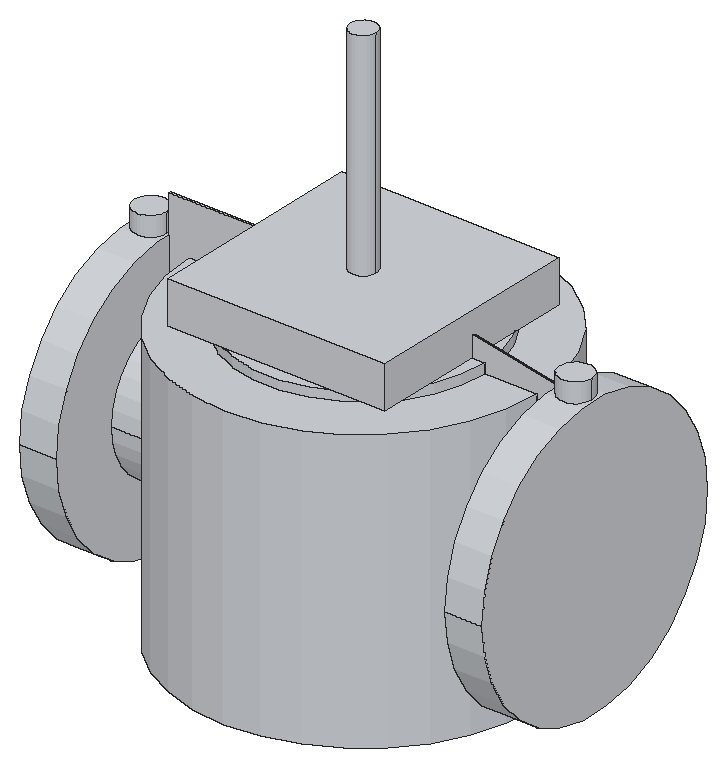
Revit family "OC-FLANGE_HF_DN250_PN25_RFA_2019", category Pipe Accessories, Revit 2019
Family settings
  Round Connector Dimension = Use Diameter
  Part Type = Valve - Breaks Into
  Work Plane-Based = No
  Always vertical = Yes
  Cut with Voids When Loaded = No
  Shared = No
Parameters (values of type "Optima Compact Flange PN25 DN250 HF")
  magiProductId = "248d4ad3cfa54a6393ff3e1f812aa6"
  magiProductFamilyId = "85dff9c68a224669bc3e9a31beef4e"
  magiPartTypeId = 304
  isMeasuringValve [instance] = no
  ang2D [instance] = 0.00°
  W2D = 50 mm
  VersionID = "2.0/2018.12.13.2/FRESE_OPT_COMP_BIG_Q13_001"
  Use Minimum Symbol Size [instance] = no
  URL = "www.hydronic.cz"
  Type Comments = "Přírubový; PN25; 0~110°C, s měřením"
  R4 = 192.15 mm
  R3 = 115.44 mm
  R1 = 274.5 mm
  QmdConnectorList = "301;D;302;D"
  Productdata [instance] = ""
  Manufacturer = "Hydronic Systems Prague s..ro"
  MC Use Limits From Balancing Method = no
  MC Throttling Minimum Value = 0
  MC Throttling Maximum Value = 0
  MC Product Code = "53-1237 (DN250 HF; 48mm; pohon min 2500N; Qmin-dpmin 245000l/h-15.0kPa; Qmax-dpmin 600000l/h-70.0kPa; dpmax 800kPa)"
  MC Pressure Drop Minimum Value = 0.0 Pa
  MC Pressure Drop Maximum Value = 0.0 Pa
  MC Piping Given Pressure Drop [instance] = 0.0 Pa
  LF__ve = -LF  # -58.4 mm
  LF2 = 29.2 mm
  LF = 58.4 mm
  L4 = 343.1 mm
  L3 = 613.2 mm
  L2D_Min = 30.48 mm
  L2D = 230 mm
  L2 = 365 mm
  H6 = 339.4 mm
  H4 = 66.6 mm
  H3 = 15 mm
  H2 = 244.2 mm
  H1 = 444 mm
  H = 1094 mm
  Description = "Tlakově nezávislý 2-cestný regulační vyvažovací ventil (PICV)"
  DF2 = 222 mm
  DD = yes
  D = 250 mm
  CAT0 = yes
  AL2 = 156 mm
  ACT3W = 167 mm
  ACT3L = 92.5 mm
  ACT2L = 230 mm
  ACT2H = 311 mm
  A3WP = 112 mm
Types (2, lengths in mm): name | magiProductId | R4 | R3 | R1 | MC Product Code | LF__ve | LF2 | LF | L4 | L3 | L2 | H6 | H4 | H2 | H1 | H | DF2 | D
  Optima Compact Flange PN25 DN250 HF | "248d4ad3cfa54a6393ff3e1f812aa6" | 192.15 | 115.44 | 274.5 | "53-1237 (DN250 HF; 48mm; pohon min 2500N; Qmin-dpmin 245000l/h-15.0kPa; Qmax-dpmin 600000l/h-70.0kPa; dpmax 800kPa)" | -58.4 | 29.2 | 58.4 | 343.1 | 613.2 | 365 | 339.4 | 66.6 | 244.2 | 444 | 1094 | 222 | 250
  Optima Compact Flange PN25 DN300 HF | "6988231868984c45bc1ee399ade9af" | 251.65 | 135.2 | 359.5 | "53-1238 (DN300 HF; 48mm; pohon min 2500N; Qmin-dpmin 245000l/h-15.0kPa; Qmax-dpmin 600000l/h-70.0kPa; dpmax 800kPa)" | -68 | 34 | 68 | 399.5 | 714 | 425 | 290 | 78 | 286 | 520 | 1132 | 260 | 300
Reference planes
  plane 1 "Center (Front/Back)": y = 0
  plane 2 "XYPLANE": z = 0
  plane 3 "Center (Left/Right)": x = 0
  plane 4 "362": y = 45
  plane 5 "361": y = 55
  plane 6 "360": y = -102
  plane 7 "359": y = -112
  plane 8 "358": z = 852
  plane 9 "357": x = -87.5
  plane 10 "356": x = 87.5
  plane 11 "355": x = -92.5
  plane 12 "354": x = 92.5
  plane 13 "353": x = 35
  plane 14 "352": x = -35
  plane 15 "351": z = 627
  plane 16 "350": z = 812
  plane 17 "347": y = -25
  plane 18 "346": y = 25
  plane 19 "342": z = 280.4
  plane 20 "341": x = 306.6
  plane 21 "340": x = -306.6
  plane 22 "335": x = 106
  plane 23 "334": z = 759
  plane 24 "333": z = 684
  plane 25 "332": z = 689
  plane 26 "331": z = 729
  plane 27 "330": z = 561
  plane 28 "329": z = -222
  plane 29 "328": x = -45
  plane 30 "327": x = 45
  plane 31 "326": x = -49
  plane 32 "325": x = 49
  plane 33 "324": y = -20
  plane 34 "323": y = 20
  plane 35 "322": z = 869
  plane 36 "321": z = 872
  plane 37 "320": z = 581
  plane 38 "319": y = -61
  plane 39 "318": y = 73
  plane 40 "317": x = -74
  plane 41 "316": x = 156
  plane 42 "206": x = 335.8
  plane 43 "205": x = -335.8
  plane 44 "204": z = 222
  plane 45 "203": z = 281.4
  plane 46 "202": z = 214.8
  plane 47 "201": z = 199.8
  plane 48 "200": x = -306.6
  plane 49 "199": z = -244.2
  plane 50 "198": x = 0
  plane 51 "197": y = 0
  plane 52 "196": z = 0
  plane 53 "195": x = -365
  plane 54 "194": x = 365
  plane 55 "193": z = 620.8
  plane 56 "192": z = 784.8
Forms (mm)
  Extrusion 1, solid, visible <- "DD"
    sketch origin (750, 0, 0) x (-1, 0, 0) y (0, 0, 1)
      loop
        line (1056.6, 280.4) -> (750, 280.4) -> (443.4, 222) -> (443.4, -222) -> (1056.6, -222) -> (1056.6, 280.4)
    from 0 to 3
  Extrusion 2, solid, visible <- "CAT0"
    sketch origin (-750, 0, 222) x (1, 0, 0) y (0, 1, 0)
      loop
        circle (1085.8, 0) r 25.5
    from 0 to 30
  Extrusion 3, solid, visible <- "CAT0"
    sketch origin (-750, 0, 222) x (1, 0, 0) y (0, 1, 0)
      loop
        circle (414.2, 0) r 25.5
    from 0 to 30
  Extrusion 4, solid, visible <- "CAT0"
    sketch origin (-750, 0, 281.4) x (1, 0, 0) y (0, 1, 0)
      loop
        circle (750, 0) r 20
    from 0 to 339.4 <- "H6"
  Extrusion 5, solid, visible <- "CAT0"
    sketch origin (-750, 0, 214.8) x (1, 0, 0) y (0, 1, 0)
      loop
        line (921.55, 171.55) -> (578.45, 171.55) -> (578.45, -171.55) -> (921.55, -171.55) -> (921.55, 171.55)
    from 0 to 66.6 <- "H4"
  Extrusion 6, solid, visible <- "CAT0"
    sketch origin (-750, 0, 199.8) x (1, 0, 0) y (0, 1, 0)
      loop
        circle (750, 0) r 192.15
    from 0 to 15 <- "H3"
  Extrusion 7, solid, visible <- "CAT0"
    sketch origin (-306.6, -750, 0) x (0, 1, 0) y (0, 0, 1)
      loop
        circle (750, 0) r 115.44
    from 0 to 613.2 <- "L3"
  Extrusion 8, solid, visible <- "CAT0"
    sketch origin (-750, 0, -244.2) x (1, 0, 0) y (0, 1, 0)
      loop
        circle (750, 0) r 274.5
    from 0 to 444 <- "H1"
  Extrusion 9, solid, visible <- "CAT0"
    sketch origin (-365, -750, 0) x (0, 1, 0) y (0, 0, 1)
      loop
        circle (750, 0) r 222
    from 0 to 58.4 <- "LF"
  Extrusion 10, solid, visible <- "CAT0"
    sketch origin (365, -750, 0) x (0, 1, 0) y (0, 0, 1)
      loop
        circle (750, 0) r 222
    from 0 to -58.4 <- "LF__ve"
  Extrusion 11, solid, not visible
    sketch origin (-365, -750, 0) x (0, 1, 0) y (0, 0, 1)
      loop
        circle (750, 0) r 10
    from 0 to 10
  Extrusion 12, solid, not visible
    sketch origin (365, -750, 0) x (0, 1, 0) y (0, 0, 1)
      loop
        circle (750, 0) r 10
    from 0 to -10
Lines and regions (mm)
  reference lines, not visible
    curve 1: circle (2, 2, 0) r 1 normal (0, 0, 1)
  reference lines
    curve 2: line (-49, -20, 561) -> (49, -20, 561)
    curve 3: line (49, -20, 561) -> (49, 20, 561)
    curve 4: line (49, 20, 561) -> (-49, 20, 561)
    curve 5: line (-49, 20, 561) -> (-49, -20, 561)
    curve 6: circle (0, 0, 214.8) r 1 normal (0, 0, 1)
Dimensions and locks
  plane 1 "Center (Front/Back)" to curve 1 = 2 mm
  locked: plane 5 "361" to plane 4 "362" at 10
  "ACT3W": plane 7 "359" to plane 5 "361"
  locked: plane 7 "359" to plane 6 "360" at 10
  "A3WP": plane 51 "197" to plane 7 "359"
  locked: plane 36 "321" to plane 8 "358" at 20
  locked: plane 11 "355" to plane 9 "357" at 5
  locked: plane 12 "354" to plane 10 "356" at 5
  "ACT3L": plane 50 "198" to plane 11 "355"
  "ACT3L": plane 50 "198" to plane 12 "354"
  locked: plane 30 "327" to plane 13 "353" at 10
  locked: plane 29 "328" to plane 14 "352" at 10
  locked: plane 36 "321" to plane 15 "351" at 245
  locked: plane 36 "321" to plane 16 "350" at 60
  locked: plane 51 "197" to plane 17 "347" at 25
  locked: plane 51 "197" to plane 18 "346" at 25
  "LF": plane 44 "204" to plane 19 "342"
  "LF": plane 54 "194" to plane 20 "341"
  "LF": plane 53 "195" to plane 21 "340"
  locked: plane 41 "316" to plane 22 "335" at 50
  locked: plane 26 "331" to plane 23 "334" at 30
  locked: plane 35 "322" to plane 24 "333" at 185
  locked: plane 35 "322" to plane 25 "332" at 180
  locked: plane 35 "322" to plane 26 "331" at 140
  "ACT2H": plane 36 "321" to plane 27 "330"
  "DF2": plane 52 "196" to plane 28 "329"
  locked: plane 30 "327" to plane 29 "328" at 90
  locked: plane 50 "198" to plane 30 "327" at 45
  locked: plane 50 "198" to plane 31 "326" at 49
  locked: plane 50 "198" to plane 32 "325" at 49
  locked: plane 34 "323" to plane 33 "324" at 40
  locked: plane 51 "197" to plane 34 "323" at 20
  locked: plane 36 "321" to plane 35 "322" at 3
  "H": plane 28 "329" to plane 36 "321"
  locked: plane 27 "330" to plane 37 "320" at 20
  locked: plane 51 "197" to plane 38 "319" at 61
  locked: plane 51 "197" to plane 39 "318" at 73
  "ACT2L": plane 41 "316" to plane 40 "317"
  "AL2": plane 50 "198" to plane 41 "316"
  "LF2": plane 54 "194" to plane 42 "206"
  "LF2": plane 53 "195" to plane 43 "205"
  "DF2": plane 2 "XYPLANE" to plane 44 "204"
  "H4": plane 46 "202" to plane 45 "203"
  "H3": plane 47 "201" to plane 46 "202"
  "H1": plane 49 "199" to plane 47 "201"
  "LF": plane 53 "195" to plane 48 "200"
  "H2": plane 2 "XYPLANE" to plane 49 "199"
  locked: plane 3 "Center (Left/Right)" to plane 50 "198"
  locked: plane 1 "Center (Front/Back)" to plane 51 "197"
  locked: plane 2 "XYPLANE" to plane 52 "196"
  "L2": plane 3 "Center (Left/Right)" to plane 53 "195"
  "L2": plane 3 "Center (Left/Right)" to plane 54 "194"
  "H6": plane 45 "203" to plane 55 "193"
  locked: plane 55 "193" to plane 56 "192" at 164
  Extrusion 1 sketch curve to Extrusion 1 sketch curve = 0 mm  (x10)
  equal spacing: Extrusion 5 sketch curve, curve 6, Extrusion 5 sketch curve  (x2)
  "L4": Extrusion 5 sketch curve to Extrusion 5 sketch curve  (x2)
  Extrusion 5 sketch curve to Extrusion 5 sketch curve = 0 mm  (x8)
  "R4": radius of Extrusion 6 sketch curve
  "R3": radius of Extrusion 7 sketch curve
  "R1": radius of Extrusion 8 sketch curve
  "DF2": radius of Extrusion 9 sketch curve
  "DF2": radius of Extrusion 10 sketch curve
  aligned and locked: level to plane 2 "XYPLANE"
  aligned and locked: plane 21 "340" to Extrusion 1 sketch curve  (x2)
  aligned and locked: plane 19 "342" to Extrusion 1 sketch curve
  aligned and locked: plane 28 "329" to Extrusion 1 sketch curve  (x2)
  aligned and locked: plane 20 "341" to Extrusion 1 sketch curve  (x2)
  aligned and locked: plane 44 "204" to Extrusion 1 sketch curve
  aligned and locked: plane 50 "198" to Extrusion 1 sketch curve
  aligned and locked: Extrusion 1 sketch curve to plane 19 "342"
  aligned and locked: curve 2 to plane 33 "324"
  aligned and locked: plane 31 "326" to curve 2
  aligned and locked: plane 32 "325" to curve 2
  aligned and locked: plane 33 "324" to curve 3
  aligned and locked: plane 34 "323" to curve 3
  aligned and locked: plane 32 "325" to curve 4
  aligned and locked: plane 31 "326" to curve 4
  aligned and locked: plane 34 "323" to curve 5
  aligned and locked: plane 42 "206" to Extrusion 2 sketch curve
  aligned and locked: plane 51 "197" to Extrusion 2 sketch curve
  aligned and locked: plane 43 "205" to Extrusion 3 sketch curve
  aligned and locked: plane 51 "197" to Extrusion 3 sketch curve
  aligned and locked: plane 50 "198" to Extrusion 4 sketch curve
  aligned and locked: plane 51 "197" to Extrusion 4 sketch curve
  aligned and locked: plane 50 "198" to curve 6
  aligned and locked: plane 51 "197" to curve 6
  aligned and locked: plane 50 "198" to Extrusion 6 sketch curve
  aligned and locked: plane 51 "197" to Extrusion 6 sketch curve
  aligned and locked: Extrusion 7 sketch curve to plane 51 "197"
  aligned and locked: plane 52 "196" to Extrusion 7 sketch curve
  aligned and locked: plane 50 "198" to Extrusion 8 sketch curve
  aligned and locked: plane 51 "197" to Extrusion 8 sketch curve
  aligned and locked: Extrusion 9 sketch curve to plane 51 "197"
  aligned and locked: plane 52 "196" to Extrusion 9 sketch curve
  aligned and locked: Extrusion 10 sketch curve to plane 51 "197"
  aligned and locked: plane 52 "196" to Extrusion 10 sketch curve
  aligned and locked: Extrusion 11 sketch curve to plane 51 "197"
  aligned and locked: plane 52 "196" to Extrusion 11 sketch curve
  aligned and locked: Extrusion 12 sketch curve to plane 51 "197"
  aligned and locked: plane 52 "196" to Extrusion 12 sketch curve
Automatic sketch dimensions
  plane 20 "341" to Extrusion 2 sketch curve = 3.7 mm
  plane 53 "195" to Extrusion 3 sketch curve = 3.7 mm
  plane 14 "352" to Extrusion 4 sketch curve = 15 mm
  plane 1 "Center (Front/Back)" to Extrusion 11 sketch curve = 10 mm
  plane 1 "Center (Front/Back)" to Extrusion 12 sketch curve = 10 mm
  plane 3 "Center (Left/Right)" to curve 1 = 2 mm
  Extrusion 5 sketch curve to plane 11 "355" = 79.05 mm
  Extrusion 5 sketch curve to plane 7 "359" = 59.55 mm
  radius of curve 6 = 1 mm
  radius of curve 1 = 1 mm
Connectors
  piping at (-365, 0, 0), diameter 250, driven by "D"
    settings: on Extrusion 11, index 1, connector inside diameter 609.6 mm, connector length 0 mm, flow factor 0, pipe flow 0.0 L/s, pressure drop 0.0 Pa, fitting loss kfactor 0, connector angle 0.00°, fixture units 0, engagement length 0 mm, angle of deflection 0.00°, flow configuration 0, flow direction 0, fitting loss method 0, system type 29, joint type 0, gender type 0, connector reference index 2, connector utility 0, adjustable connector no, is connector primary yes, connector description ""
  piping at (365, 0, 0), diameter 250, driven by "D"
    settings: on Extrusion 12, index 2, connector inside diameter 609.6 mm, connector length 0 mm, flow factor 0, pipe flow 0.0 L/s, pressure drop 0.0 Pa, fitting loss kfactor 0, connector angle 0.00°, fixture units 0, engagement length 0 mm, angle of deflection 0.00°, flow configuration 0, flow direction 0, fitting loss method 0, system type 29, joint type 0, gender type 0, connector reference index 1, connector utility 0, adjustable connector no, is connector primary no, connector description ""
